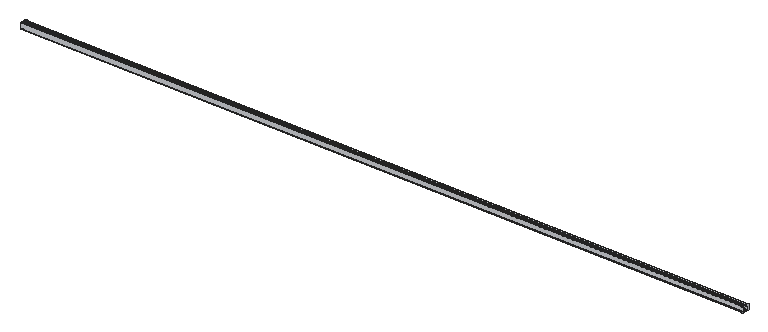
Revit family "Montageschiene 45- 45-2,5  6m fbv Langloch 2D", category HLS-Bauteile, Revit 2023
Family settings
  Bemaßung runder Anschluss = Durchmesser verwenden
  Teiletyp = Normal
  Arbeitsebenenbasiert = Ja
  Immer vertikal = Nein
  Beim Laden mit Abzugskörper schneiden = Nein
  Beschriftungsausrichtung beibehalten = Nein
  Gemeinsam genutzt = Ja
  Raumberechnungspunkt = Nein
Parameters (values of type "C-Profil 45- 45-2,5  L=6000 fbv")
  vpe = "30"
  Widerstandsmoment Wz = "5.64 cm³"
  Widerstandsmoment Wy = "3.80 cm³"
  Default Elevation = 1219.2 mm
  Trägheitsradius iz = "1.90 cm"
  Trägheitsradius iy = "1.58 cm"
  Torsionswiderstandsmoment Wt = " cm³"
  Stärke = 2.5 mm
  Streckgrenze = "250 N/mm²"
  Schwerpunktabstand ez = "2.25 cm"
  Schwerpunktabstand eu = "2.31 cm"
  Schwerpunktabstand eo = "2.19 cm"
  Schlitzbreite = "22 mm"
  Regelhalter [instance] = ""
  Profiltyp = "45/45"
  Profil = "C-Profil"
  Oberflaeche = "feuerbandverzinkt"
  Montagelänge [instance] = 6000 mm
  Mengeneinheit = "m"
  Materialname = "S250"
  Material = "Stahl"
  Länge = 6000 mm
  Lochdurchmesser = "18.00 mm"
  Langloch = "14.0 x 45.0 mm"
  Kurztext2 = "45 / 45 / 2,5 mm L= 6 m fbv"
  Kurztext1 = "Montageschiene C-Profil"
  Höhe = "45 mm"
  Gewicht pro Stück [instance] = (Gewicht * Montagelänge / (1000 mm * 1000 mm)) * 1000 mm  # 17.76 kg
  Gewicht pro Bauteil [instance] = Gewicht pro Stück  # 17.76 kg
  Gewicht = 2.96 kg
  Gesamtlänge [instance] = Montagelänge  # 6000 mm
  Gesamtgewicht [instance] = Gewicht pro Bauteil  # 17.76 kg
  Fläche (schwächster Profilquerschnitt) = 0.000353 m²
  Firma = "MEFA Befestigungs- und Montagesysteme GmbH"
  Fabrikat = "MEFA"
  Erweiterung Langloch = "18.0 mm"
  EAN = "4250928448095"
  Bund = "360 m"
  Breite = 45 mm
  Artikelnummer = "0820456251"
  Anzahl Langloch [instance] = Montagelänge / 105 mm  # 57
  Abmessung = "45/45/2.5 mm"
Reference planes
  plane 1 "Mitte (Vorne/hinten)": y = 0
  plane 2: z = 0
  plane 3 "Mitte (Links/rechts)": x = 0
  plane 4: x = 6000
Forms (mm)
  Extrusion 1, solid, detail levels fine
    sketch origin (0, 0, 0) x (0, 1, 0) y (0, 0, 1)
      loop
        arc (19, 0) -> (21.475, 1.025) -> (22.5, 3.5) r 3.5
        line (22.5, 3.5) -> (22.5, 42)
        arc (22.5, 42) -> (21.621, 44.121) -> (19.5, 45) r 3
        line (19.5, 45) -> (12, 45)
        arc (12, 45) -> (11.293, 44.707) -> (11, 44) r 1
        line (11, 44) -> (11, 37.5) -> (13.5, 37.5) -> (13.5, 42.5) -> (19.5, 42.5)
        arc (19.5, 42.5) -> (19.854, 42.354) -> (20, 42) r 0.5
        line (20, 42) -> (20, 3.5)
        arc (20, 3.5) -> (19.707, 2.793) -> (19, 2.5) r 1
        line (19, 2.5) -> (-19, 2.5)
        arc (-19, 2.5) -> (-19.707, 2.793) -> (-20, 3.5) r 1
        line (-20, 3.5) -> (-20, 42)
        arc (-20, 42) -> (-19.854, 42.354) -> (-19.5, 42.5) r 0.5
        line (-19.5, 42.5) -> (-13.5, 42.5) -> (-13.5, 37.5) -> (-11, 37.5) -> (-11, 44)
        arc (-11, 44) -> (-11.293, 44.707) -> (-12, 45) r 1
        line (-12, 45) -> (-19.5, 45)
        arc (-19.5, 45) -> (-21.621, 44.121) -> (-22.5, 42) r 3
        line (-22.5, 42) -> (-22.5, 3.5)
        arc (-22.5, 3.5) -> (-21.475, 1.025) -> (-19, 0) r 3.5
        line (-19, 0) -> (19, 0)
    from 0 to 6000
  Extrusion 2, solid, detail levels medium
    sketch origin (0, 0, 0) x (0, 1, 0) y (0, 0, 1)
      loop
        line (22.5, 0) -> (22.5, 45) -> (11, 45) -> (11, 37.5) -> (13.5, 37.5) -> (13.5, 42.5) -> (20, 42.5) -> (20, 2.5) -> (-20, 2.5) -> (-20, 42.5) -> (-13.5, 42.5) -> (-13.5, 37.5) -> (-11, 37.5) -> (-11, 45) -> (-22.5, 45) -> (-22.5, 0) -> (22.5, 0)
    from 0 to 6000
  Extrusion 3, solid, detail levels coarse
    sketch origin (0, 0, 0) x (0, 1, 0) y (0, 0, 1)
      loop
        line (22.5, 0) -> (22.5, 45) -> (-22.5, 45) -> (-22.5, 0) -> (22.5, 0)
    from 0 to 6000
Dimensions and locks
  "Montagelänge": plane 4 to plane 3 "Mitte (Links/rechts)"
  equal spacing: group 1, group 2, group 3, group 4, group 5, group 6, group 7, group 8, group 9, group 10, group 11, group 12, group 13, group 14, group 15, group 16, group 17, group 18, group 19, group 20, group 21, group 22, group 23, group 24, group 25, group 26, group 27, group 28, group 29, group 30, group 31, group 32, group 33, group 34, group 35, group 36, group 37, group 38, group 39, group 40, group 41, group 42, group 43, group 44, group 45, group 46, group 47, group 48, group 49, group 50, group 51, group 52, group 53, group 54, group 55, group 56, group 57  (x3)
  aligned and locked: level to plane 2
  aligned and locked: plane 4 to Extrusion 1
  aligned and locked: Extrusion 1 to plane 4
  aligned and locked: plane 4 to Extrusion 2
  aligned and locked: plane 4 to Extrusion 3
  aligned and locked: Extrusion 1 to plane 3 "Mitte (Links/rechts)"
  aligned and locked: Extrusion 2 to plane 3 "Mitte (Links/rechts)"
  aligned and locked: Extrusion 3 to plane 3 "Mitte (Links/rechts)"
  aligned and locked: nested 1 to plane 1 "Mitte (Vorne/hinten)"
Automatic sketch dimensions
  Extrusion 1 sketch curve to Extrusion 1 sketch curve = 0 mm  (x9)
  Extrusion 1 sketch curve to level = 0 mm
  level to Extrusion 1 sketch curve = 3.5 mm  (x2)
  plane 1 "Mitte (Vorne/hinten)" to Extrusion 1 sketch curve = 22.5 mm
  Extrusion 1 sketch curve to Extrusion 1 sketch curve = 2.5 mm  (x2)
  Extrusion 1 sketch curve to Extrusion 1 sketch curve = 0.5 mm  (x2)
  Extrusion 1 sketch curve to Extrusion 1 sketch curve = 6 mm
  Extrusion 1 sketch curve to Extrusion 1 sketch curve = 1.5 mm  (x2)
  Extrusion 1 sketch curve to plane 1 "Mitte (Vorne/hinten)" = 11 mm
  Extrusion 1 sketch curve to Extrusion 1 sketch curve = 1 mm
  Extrusion 1 sketch curve to plane 1 "Mitte (Vorne/hinten)" = 19 mm
  Extrusion 1 sketch curve to Extrusion 1 sketch curve = 34 mm
  Extrusion 1 sketch curve to Extrusion 1 sketch curve = 4.5 mm  (x2)
  level to Extrusion 2 sketch curve = 0 mm
  plane 1 "Mitte (Vorne/hinten)" to Extrusion 2 sketch curve = 22.5 mm
  Extrusion 2 sketch curve to Extrusion 2 sketch curve = 2.5 mm  (x7)
  Extrusion 2 sketch curve to plane 1 "Mitte (Vorne/hinten)" = 11 mm
  Extrusion 2 sketch curve to Extrusion 2 sketch curve = 0 mm
  Extrusion 2 sketch curve to Extrusion 2 sketch curve = 5 mm  (x2)
  Extrusion 2 sketch curve to Extrusion 2 sketch curve = 6.5 mm  (x2)
  Extrusion 2 sketch curve to Extrusion 2 sketch curve = 37.5 mm
  Extrusion 3 sketch curve to level = 0 mm
  plane 1 "Mitte (Vorne/hinten)" to Extrusion 3 sketch curve = 22.5 mm
  Extrusion 3 sketch curve to plane 1 "Mitte (Vorne/hinten)" = 22.5 mm
  level to Extrusion 3 sketch curve = 45 mm
Nested families
  nested 1: "Langloch 14 x 45 18 2D" at (52.498, 0, 0) x (1, 0, 0) z (0, 0, -1), type "Langloch 14 x 45 18 2D", detail levels fine
  nested 2: "Langloch 14 x 45 18 2D" at (157.498, 0, 0) x (1, 0, 0) z (0, 0, -1), type "Langloch 14 x 45 18 2D", detail levels fine
  nested 3: "Langloch 14 x 45 18 2D" at (262.498, 0, 0) x (1, 0, 0) z (0, 0, -1), type "Langloch 14 x 45 18 2D", detail levels fine
  nested 4: "Langloch 14 x 45 18 2D" at (367.498, 0, 0) x (1, 0, 0) z (0, 0, -1), type "Langloch 14 x 45 18 2D", detail levels fine
  nested 5: "Langloch 14 x 45 18 2D" at (472.498, 0, 0) x (1, 0, 0) z (0, 0, -1), type "Langloch 14 x 45 18 2D", detail levels fine
  nested 6: "Langloch 14 x 45 18 2D" at (577.498, 0, 0) x (1, 0, 0) z (0, 0, -1), type "Langloch 14 x 45 18 2D", detail levels fine
  nested 7: "Langloch 14 x 45 18 2D" at (682.498, 0, 0) x (1, 0, 0) z (0, 0, -1), type "Langloch 14 x 45 18 2D", detail levels fine
  nested 8: "Langloch 14 x 45 18 2D" at (787.498, 0, 0) x (1, 0, 0) z (0, 0, -1), type "Langloch 14 x 45 18 2D", detail levels fine
  nested 9: "Langloch 14 x 45 18 2D" at (892.498, 0, 0) x (1, 0, 0) z (0, 0, -1), type "Langloch 14 x 45 18 2D", detail levels fine
  nested 10: "Langloch 14 x 45 18 2D" at (997.498, 0, 0) x (1, 0, 0) z (0, 0, -1), type "Langloch 14 x 45 18 2D", detail levels fine
  nested 11: "Langloch 14 x 45 18 2D" at (1102.498, 0, 0) x (1, 0, 0) z (0, 0, -1), type "Langloch 14 x 45 18 2D", detail levels fine
  nested 12: "Langloch 14 x 45 18 2D" at (1207.498, 0, 0) x (1, 0, 0) z (0, 0, -1), type "Langloch 14 x 45 18 2D", detail levels fine
  nested 13: "Langloch 14 x 45 18 2D" at (1312.498, 0, 0) x (1, 0, 0) z (0, 0, -1), type "Langloch 14 x 45 18 2D", detail levels fine
  nested 14: "Langloch 14 x 45 18 2D" at (1417.498, 0, 0) x (1, 0, 0) z (0, 0, -1), type "Langloch 14 x 45 18 2D", detail levels fine
  nested 15: "Langloch 14 x 45 18 2D" at (1522.498, 0, 0) x (1, 0, 0) z (0, 0, -1), type "Langloch 14 x 45 18 2D", detail levels fine
  nested 16: "Langloch 14 x 45 18 2D" at (1627.498, 0, 0) x (1, 0, 0) z (0, 0, -1), type "Langloch 14 x 45 18 2D", detail levels fine
  nested 17: "Langloch 14 x 45 18 2D" at (1732.498, 0, 0) x (1, 0, 0) z (0, 0, -1), type "Langloch 14 x 45 18 2D", detail levels fine
  nested 18: "Langloch 14 x 45 18 2D" at (1837.498, 0, 0) x (1, 0, 0) z (0, 0, -1), type "Langloch 14 x 45 18 2D", detail levels fine
  nested 19: "Langloch 14 x 45 18 2D" at (1942.498, 0, 0) x (1, 0, 0) z (0, 0, -1), type "Langloch 14 x 45 18 2D", detail levels fine
  nested 20: "Langloch 14 x 45 18 2D" at (2047.498, 0, 0) x (1, 0, 0) z (0, 0, -1), type "Langloch 14 x 45 18 2D", detail levels fine
  nested 21: "Langloch 14 x 45 18 2D" at (2152.498, 0, 0) x (1, 0, 0) z (0, 0, -1), type "Langloch 14 x 45 18 2D", detail levels fine
  nested 22: "Langloch 14 x 45 18 2D" at (2257.498, 0, 0) x (1, 0, 0) z (0, 0, -1), type "Langloch 14 x 45 18 2D", detail levels fine
  nested 23: "Langloch 14 x 45 18 2D" at (2362.498, 0, 0) x (1, 0, 0) z (0, 0, -1), type "Langloch 14 x 45 18 2D", detail levels fine
  nested 24: "Langloch 14 x 45 18 2D" at (2467.498, 0, 0) x (1, 0, 0) z (0, 0, -1), type "Langloch 14 x 45 18 2D", detail levels fine
  nested 25: "Langloch 14 x 45 18 2D" at (2572.498, 0, 0) x (1, 0, 0) z (0, 0, -1), type "Langloch 14 x 45 18 2D", detail levels fine
  nested 26: "Langloch 14 x 45 18 2D" at (2677.498, 0, 0) x (1, 0, 0) z (0, 0, -1), type "Langloch 14 x 45 18 2D", detail levels fine
  nested 27: "Langloch 14 x 45 18 2D" at (2782.498, 0, 0) x (1, 0, 0) z (0, 0, -1), type "Langloch 14 x 45 18 2D", detail levels fine
  nested 28: "Langloch 14 x 45 18 2D" at (2887.498, 0, 0) x (1, 0, 0) z (0, 0, -1), type "Langloch 14 x 45 18 2D", detail levels fine
  nested 29: "Langloch 14 x 45 18 2D" at (2992.498, 0, 0) x (1, 0, 0) z (0, 0, -1), type "Langloch 14 x 45 18 2D", detail levels fine
  nested 30: "Langloch 14 x 45 18 2D" at (3097.498, 0, 0) x (1, 0, 0) z (0, 0, -1), type "Langloch 14 x 45 18 2D", detail levels fine
  nested 31: "Langloch 14 x 45 18 2D" at (3202.498, 0, 0) x (1, 0, 0) z (0, 0, -1), type "Langloch 14 x 45 18 2D", detail levels fine
  nested 32: "Langloch 14 x 45 18 2D" at (3307.498, 0, 0) x (1, 0, 0) z (0, 0, -1), type "Langloch 14 x 45 18 2D", detail levels fine
  nested 33: "Langloch 14 x 45 18 2D" at (3412.498, 0, 0) x (1, 0, 0) z (0, 0, -1), type "Langloch 14 x 45 18 2D", detail levels fine
  nested 34: "Langloch 14 x 45 18 2D" at (3517.498, 0, 0) x (1, 0, 0) z (0, 0, -1), type "Langloch 14 x 45 18 2D", detail levels fine
  nested 35: "Langloch 14 x 45 18 2D" at (3622.498, 0, 0) x (1, 0, 0) z (0, 0, -1), type "Langloch 14 x 45 18 2D", detail levels fine
  nested 36: "Langloch 14 x 45 18 2D" at (3727.498, 0, 0) x (1, 0, 0) z (0, 0, -1), type "Langloch 14 x 45 18 2D", detail levels fine
  nested 37: "Langloch 14 x 45 18 2D" at (3832.498, 0, 0) x (1, 0, 0) z (0, 0, -1), type "Langloch 14 x 45 18 2D", detail levels fine
  nested 38: "Langloch 14 x 45 18 2D" at (3937.498, 0, 0) x (1, 0, 0) z (0, 0, -1), type "Langloch 14 x 45 18 2D", detail levels fine
  nested 39: "Langloch 14 x 45 18 2D" at (4042.498, 0, 0) x (1, 0, 0) z (0, 0, -1), type "Langloch 14 x 45 18 2D", detail levels fine
  nested 40: "Langloch 14 x 45 18 2D" at (4147.498, 0, 0) x (1, 0, 0) z (0, 0, -1), type "Langloch 14 x 45 18 2D", detail levels fine
  nested 41: "Langloch 14 x 45 18 2D" at (4252.498, 0, 0) x (1, 0, 0) z (0, 0, -1), type "Langloch 14 x 45 18 2D", detail levels fine
  nested 42: "Langloch 14 x 45 18 2D" at (4357.498, 0, 0) x (1, 0, 0) z (0, 0, -1), type "Langloch 14 x 45 18 2D", detail levels fine
  nested 43: "Langloch 14 x 45 18 2D" at (4462.498, 0, 0) x (1, 0, 0) z (0, 0, -1), type "Langloch 14 x 45 18 2D", detail levels fine
  nested 44: "Langloch 14 x 45 18 2D" at (4567.498, 0, 0) x (1, 0, 0) z (0, 0, -1), type "Langloch 14 x 45 18 2D", detail levels fine
  nested 45: "Langloch 14 x 45 18 2D" at (4672.498, 0, 0) x (1, 0, 0) z (0, 0, -1), type "Langloch 14 x 45 18 2D", detail levels fine
  nested 46: "Langloch 14 x 45 18 2D" at (4777.498, 0, 0) x (1, 0, 0) z (0, 0, -1), type "Langloch 14 x 45 18 2D", detail levels fine
  nested 47: "Langloch 14 x 45 18 2D" at (4882.498, 0, 0) x (1, 0, 0) z (0, 0, -1), type "Langloch 14 x 45 18 2D", detail levels fine
  nested 48: "Langloch 14 x 45 18 2D" at (4987.498, 0, 0) x (1, 0, 0) z (0, 0, -1), type "Langloch 14 x 45 18 2D", detail levels fine
  nested 49: "Langloch 14 x 45 18 2D" at (5092.498, 0, 0) x (1, 0, 0) z (0, 0, -1), type "Langloch 14 x 45 18 2D", detail levels fine
  nested 50: "Langloch 14 x 45 18 2D" at (5197.498, 0, 0) x (1, 0, 0) z (0, 0, -1), type "Langloch 14 x 45 18 2D", detail levels fine
  nested 51: "Langloch 14 x 45 18 2D" at (5302.498, 0, 0) x (1, 0, 0) z (0, 0, -1), type "Langloch 14 x 45 18 2D", detail levels fine
  nested 52: "Langloch 14 x 45 18 2D" at (5407.498, 0, 0) x (1, 0, 0) z (0, 0, -1), type "Langloch 14 x 45 18 2D", detail levels fine
  nested 53: "Langloch 14 x 45 18 2D" at (5512.498, 0, 0) x (1, 0, 0) z (0, 0, -1), type "Langloch 14 x 45 18 2D", detail levels fine
  nested 54: "Langloch 14 x 45 18 2D" at (5617.498, 0, 0) x (1, 0, 0) z (0, 0, -1), type "Langloch 14 x 45 18 2D", detail levels fine
  nested 55: "Langloch 14 x 45 18 2D" at (5722.498, 0, 0) x (1, 0, 0) z (0, 0, -1), type "Langloch 14 x 45 18 2D", detail levels fine
  nested 56: "Langloch 14 x 45 18 2D" at (5827.498, 0, 0) x (1, 0, 0) z (0, 0, -1), type "Langloch 14 x 45 18 2D", detail levels fine
  nested 57: "Langloch 14 x 45 18 2D" at (5932.498, 0, 0) x (1, 0, 0) z (0, 0, -1), type "Langloch 14 x 45 18 2D", detail levels fine
Definition of nested family "Langloch 14 x 45 18 2D"
  Parameters (values of type "Langloch 14 x 45 18 2D")
    Default Elevation = 1219.2 mm
  Reference planes
    plane 1 "Mitte (Vorne/hinten)": y = 0
    plane 2: z = 0
    plane 3 "Mitte (Links/rechts)": x = 0
  Forms (mm)
    Extrusion 1, solid
      sketch origin (0, 0, 0) x (1, 0, 0) y (0, 1, 0)
        loop
          line (-1219.2, 1219.2) -> (-1219.2, -1219.2) -> (1219.2, -1219.2) -> (1219.2, 1219.2) -> (-1219.2, 1219.2)
      from 0 to -304.8
  Lines and regions (mm)
    model lines
      curve 1: line (-15.498, 7, 0) -> (-5.645, 7, 0)
      curve 2: line (-15.498, -7, 0) -> (-5.645, -7, 0)
      curve 3: arc (15.692, 6.997, 0) -> (22.502, 0, 0) -> (15.692, -6.997, 0) r 7
      curve 6: arc (-15.498, 7, 0) -> (-22.498, 0, 0) -> (-15.498, -7, 0) r 7
      curve 7: line (-15.692, 7.5, 0) -> (-15.692, -7.5, 0)
      curve 8: line (-24.531, 0, 0) -> (24.555, 0, 0)
      curve 9: circle (52.502, 0, 0) r 9 normal (0, 0, 1)
      curve 10: line (52.502, 11, 0) -> (52.502, -11, 0)
      curve 12: line (42.937, 0, 0) -> (62.034, 0, 0)
      curve 13: arc (5.672, 6.997, 0) -> (0.014, 9, 0) -> (-5.645, 7, 0) r 9
      curve 14: line (15.692, 6.997, 0) -> (5.672, 6.997, 0)
      curve 15: line (15.692, -6.997, 0) -> (5.672, -6.997, 0)
      curve 16: arc (5.672, -6.997, 0) -> (0.014, -9, 0) -> (-5.645, -7, 0) r 9
      curve 17: line (0, 11, 0) -> (0, -11, 0)
      curve 19: line (15, 7.5, 0) -> (15, -7.5, 0)
    model lines, detail levels fine
      curve 4: line (-15.692, 0, 10) -> (-15.692, 0, -10)
      curve 5: line (15.692, 0, 10) -> (15.692, 0, -10)
      curve 11: line (52.502, 0, 10) -> (52.502, 0, -10)
      curve 18: line (0.014, 0, 10) -> (0.014, 0, -10)
  Dimensions and locks
    aligned and locked: plane 2 to Extrusion 1
    aligned and locked: level to Extrusion 1
    aligned and locked: curve 17 to plane 3 "Mitte (Links/rechts)"
